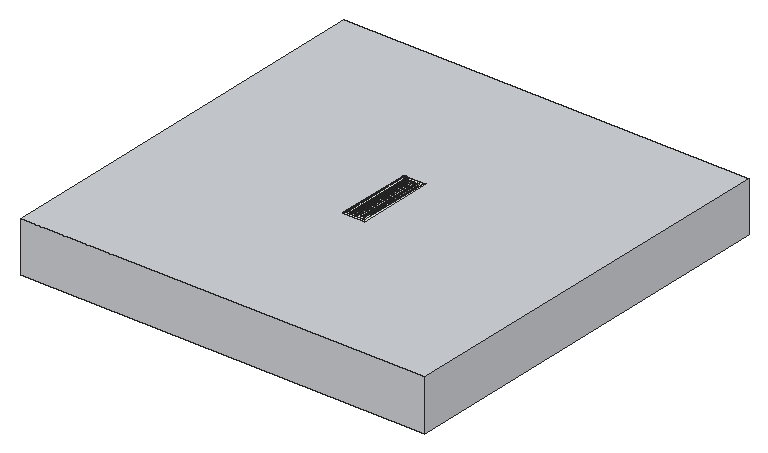
Revit family
Parameters (values of type "LD1200")
  URL = "http://www.productspec.net/products/30296/holyoake-industries/linear-diffusers-ld-1200.aspx"
  Style [instance] = 1
  Type Comments = "Linear Diffuser"  # constant formula
  Style 5 [instance] = Style = 5  # no
  Style 2 [instance] = Style = 2  # no
  Style 1 [instance] = Style = 1  # yes
  Overall Width [instance] = Exact Neck Width + 2 * Flange Width  # 128.80 mm
  Overall Height [instance] = Exact Neck Height + 2 * Flange Width  # 457.80 mm
  Opening Width = Nominal Width - 22.00 mm  # 78.00 mm
  Opening Height = Nominal Height - 22.00 mm  # 407.00 mm
  Nominal Width = 100.00 mm
  Nominal Height = 429.00 mm
  Model = "LD-1200"
  Manufacturer = "Holyoake Industries Ltd"  # constant formula
  LD1215 = not(LD1200)  # no
  LD1200 = yes
  Frame and Bars = Alloy - Holyoake
  Flange Width [instance] = if(Style = 1, 23.85 mm, if(Style = 2, 27.00 mm, 15.60 mm))  # 23.85 mm
  Flange Thickness [instance] = if(Style = 1, 1.55 mm, if(Style = 2, 3.00 mm, 1.40 mm))  # 1.55 mm
  Exact Neck Width [instance] = Opening Width + 2 * Flange Thickness  # 81.10 mm
  Exact Neck Height [instance] = Opening Height + 2 * Flange Thickness  # 410.10 mm
  Engineering Data [instance] = "http://admin.productspec.net/nas/TechnicalFiles/2367/p30296/B15-B22%20LD.pdf"
  Depth [instance] = if(Style = 1, 22.35 mm, if(Style = 2, 27.00 mm, 45.50 mm))  # 22.35 mm
  Default Elevation = 1000.00 mm
  Created By = "Productspec Ltd"  # constant formula
  Choose Style [instance] = "Style = 1, 2, or 5"  # constant formula
  Blade Thickness = 3.20 mm
  Bar Width = 3.20 mm  # constant formula
  Bar Spacing = 12.50 mm  # constant formula
  Bar Offset = (Opening Width - Bar Width * Bar Number - (Bar Spacing - Bar Width) * (Bar Number - 1)) / 2 + Bar Width / 2  # 7.75 mm
  Bar Number = Opening Width / Bar Spacing  # 6
  Author = "DZZ"  # constant formula
Types (3, lengths in mm): name | URL | Style | Style 5 | Style 1 | Overall Width | Overall Height | Opening Width | Opening Height | Nominal Width | Nominal Height | Model | LD1215 | LD1200 | Flange Width | Flange Thickness | Exact Neck Width | Exact Neck Height | Depth | Blade Thickness | Bar Number
  (no name) | "http://www.productspec.net/products/30296/holyoake-industries/linear-diffusers-ld-1200.aspx" | 1 | no | yes | 128.80 | 457.80 | 78.00 | 407.00 | 100.00 | 429.00 | "LD-1200" | no | yes | 23.85 | 1.55 | 81.10 | 410.10 | 22.35 | 3.20 | 6
  LD1200 | "http://www.productspec.net/products/30296/holyoake-industries/linear-diffusers-ld-1200.aspx" | 1 | no | yes | 128.80 | 457.80 | 78.00 | 407.00 | 100.00 | 429.00 | "LD-1200" | no | yes | 23.85 | 1.55 | 81.10 | 410.10 | 22.35 | 3.20 | 6
  LD1215 | "http://www.productspec.net/products/30297/holyoake-industries/linear-diffusers-ld1215.aspx" | 5 | yes | no | 99.50 | 431.00 | 65.50 | 397.00 | 87.50 | 419.00 | "LD-1215" | yes | no | 15.60 | 1.40 | 68.30 | 399.80 | 45.50 | 5.15 | 5
Reference planes
  plane 1 "Center (Front/Back)": y = 0
  plane 2: z = 0.003
  plane 3 "Center (Left/Right)": x = 0
  plane 4: x = -39
  plane 5: x = 39
  plane 6: y = -203.5
  plane 7: y = 203.5
  plane 8: x = -48.5
  plane 9: x = 51.5
  plane 10: y = 216
  plane 11: y = -213
  plane 12 "Bottom": z = -22.347
  plane 13: x = -31.25
  plane 14: x = -18.75
  plane 15: x = 17.5
  plane 16: x = -40.55
  plane 17: x = 40.55
  plane 18: x = -64.4
  plane 19: x = 64.4
  plane 20: y = 205.05
  plane 21: y = -205.05
  plane 22: y = 228.9
  plane 23: y = -228.9
Forms (mm)
  Extrusion 1, solid
    sketch origin (0, 0, 0) x (1, 0, 0) y (0, 1, 0)
      loop
        line (-1219.2, 1219.2) -> (-1219.2, -1219.2) -> (1219.2, -1219.2) -> (1219.2, 1219.2) -> (-1219.2, 1219.2)
    from 0.003 to -304.8
  Sweep 2, solid, material "Alloy - Holyoake" <- "Frame and Bars", visible <- "Style 1", detail levels medium+fine
    path origin (0, 0, 0) x (1, 0, 0) y (0, 1, 0)
      loop
        line (-39, 203.5) -> (-39, -203.5) -> (39, -203.5) -> (39, 203.5) -> (-39, 203.5)
    profile "Holyoake_TradeLineSurround_profile : Trade Line Surround Profile" origin (-39, 0, 0) x (1, 0, 0) y (0, 0, 1)
      loop
        line (-25.4, 0) -> (-24.014, 0) -> (-22.223, 3.103) -> (-19.05, 3.103) -> (-19.05, 0.5) -> (-16.876, 0.5)
        arc (-16.876, 0.5) -> (-16.35, 1.026) -> (-16.876, 1.553) r 0.526
        line (-16.876, 1.553) -> (-17.9, 1.553) -> (-17.9, 3.103) -> (-3.5, 3.103) -> (-3.5, 1.553) -> (-4.524, 1.553)
        arc (-4.524, 1.553) -> (-5.05, 1.026) -> (-4.524, 0.5) r 0.526
        line (-4.524, 0.5) -> (-3.501, 0.5)
        arc (-3.501, 0.5) -> (-3.207, 0.114) -> (-2.757, 0.295) r 0.4
        line (-2.757, 0.295) -> (-1.55, 2.386) -> (-1.55, -22.347) -> (0, -22.347) -> (0, 1.553) -> (5, 1.553) -> (5, 3.103) -> (1.55, 3.103) -> (1.55, 4.653) -> (-22.714, 4.653) -> (-25.4, 0)
  Extrusion 3, solid, material "Alloy - Holyoake" <- "Frame and Bars", detail levels coarse+medium
    sketch origin (0, 0, -22.347) x (-1, 0, 0) y (0, -1, 0)
      loop
        line (39, -203.5) -> (39, 203.5) -> (-39, 203.5) -> (-39, -203.5) -> (39, -203.5)
    from 0 to 22.35 <- "Depth"
  Sweep 4, solid, material "Alloy - Holyoake" <- "Frame and Bars", visible <- "Style 2", detail levels medium+fine
    path origin (0, 0, 0) x (1, 0, 0) y (0, 1, 0)
      loop
        line (-39, 203.5) -> (-39, -203.5) -> (39, -203.5) -> (39, 203.5) -> (-39, 203.5)
    profile "Holyoake_LinearDiffuser_LDtype4_Track_profile : Holyoake_LinearDiffuser_LDtype4_Track_profile" origin (-39, 0, 0) x (1, 0, 0) y (0, 0, 1)
      loop
        line (0, 4) -> (-26.5, 4) -> (-30, 2) -> (-30, 0) -> (-20.9, 0) -> (-20.9, 1) -> (-22.5, 1) -> (-22.5, 2.4) -> (-8.1, 2.4) -> (-8.1, 1) -> (-9.7, 1) -> (-9.7, 0) -> (-3, 0) -> (-3, -27) -> (8.5, -27) -> (12, -25) -> (12, -23) -> (0, -23) -> (0, 4)
  Sweep 5, solid, material "Alloy - Holyoake" <- "Frame and Bars", visible <- "Style 5", detail levels medium+fine
    path origin (0, 0, 0) x (1, 0, 0) y (0, 1, 0)
      loop
        line (-39, 203.5) -> (-39, -203.5) -> (39, -203.5) -> (39, 203.5) -> (-39, 203.5)
    profile "Holyoake_LinearDiffuser_LDVB_Surround : LDVB Surround Profile" origin (-39, 0, 0) x (1, 0, 0) y (0, 0, 1)
      loop
        line (0, 4.5) -> (-14.5, 4.5) -> (-17, 2) -> (-17, 0) -> (-15.8, 0) -> (-15.8, 1.786) -> (-15, 2.586) -> (-15, 0.6) -> (-12.45, 0.6) -> (-12.45, 1.6) -> (-14, 1.6) -> (-14, 3.3) -> (-4.4, 3.3) -> (-4.4, 1.6) -> (-5.95, 1.6) -> (-5.95, 0.6) -> (-3.4, 0.6) -> (-3.4, 2.3)
        arc (-3.4, 2.3) -> (-2.4, 3.3) -> (-1.4, 2.3) r 1
        line (-1.4, 2.3) -> (-1.4, -45.5) -> (0, -45.5) -> (0, 4.5)
Dimensions and locks
  equal spacing: plane 4, plane 3 "Center (Left/Right)", plane 5
  "Opening Width": plane 4 to plane 5
  equal spacing: plane 6, plane 1 "Center (Front/Back)", plane 7
  "Opening Height": plane 6 to plane 7
  locked: plane 8 to plane 4 at 9.5
  locked: plane 11 to plane 6 at 9.5
  "Nominal Height": plane 11 to plane 10
  "Nominal Width": plane 8 to plane 9
  "Depth": plane 2 to plane 12 "Bottom"
  "Bar Offset": plane 13 to plane 4
  "Bar Spacing": plane 14 to plane 13
  equal spacing: group 1, group 2, group 5, group 6, group 7, group 11  (x3)
  equal spacing: group 3, group 4, group 8, group 9, group 10, group 12  (x3)
  "Flange Thickness": plane 4 to plane 16
  "Exact Neck Width": plane 16 to plane 17
  "Overall Width": plane 18 to plane 19
  "Flange Thickness": plane 20 to plane 7
  "Flange Width": plane 22 to plane 20
  "Overall Height": plane 23 to plane 22
  "Exact Neck Height": plane 21 to plane 20
  "Flange Width": plane 16 to plane 18
  aligned and locked: plane 2 to Extrusion 1
  aligned and locked: Sweep 2 sketch curve to plane 4
  aligned and locked: Sweep 2 sketch curve to plane 7
  aligned and locked: plane 5 to Sweep 2 sketch curve
  aligned and locked: plane 6 to Sweep 2 sketch curve
  aligned and locked: plane 13 to nested 1
  aligned and locked: plane 2 to nested 1
  aligned and locked: nested 1 to plane 1 "Center (Front/Back)"
  aligned and locked: nested 2 to plane 1 "Center (Front/Back)"
  aligned and locked: plane 4 to Extrusion 3 sketch curve
  aligned and locked: plane 7 to Extrusion 3 sketch curve
  aligned and locked: plane 6 to Extrusion 3 sketch curve
  aligned and locked: Extrusion 3 sketch curve to plane 5
  aligned and locked: Sweep 4 sketch curve to plane 4
  aligned and locked: Sweep 4 sketch curve to plane 7
  aligned and locked: plane 5 to Sweep 4 sketch curve
  aligned and locked: plane 6 to Sweep 4 sketch curve
  aligned and locked: Sweep 5 sketch curve to plane 7
  aligned and locked: Sweep 5 sketch curve to plane 4
  aligned and locked: plane 5 to Sweep 5 sketch curve
  aligned and locked: plane 6 to Sweep 5 sketch curve
  aligned and locked: plane 13 to nested 3
  aligned and locked: plane 2 to nested 3
  aligned and locked: nested 3 to plane 1 "Center (Front/Back)"
  aligned and locked: plane 14 to nested 4
  aligned and locked: plane 2 to nested 4
  aligned and locked: nested 4 to plane 1 "Center (Front/Back)"
  aligned and locked: plane 2 to nested 2
  aligned and locked: plane 14 to nested 2
Automatic sketch dimensions
  Extrusion 1 sketch curve to Extrusion 1 sketch curve = 2438.40 mm  (x2)
Nested families
  nested 1: "Holyoake_LinearDiffuser_LD600_1200_Blade" at (-31.25, 0, 0.003) x (0, 1, 0) z (0, 0, 1), visible <- "LD1200", type "LD600/1200 Blade"
    with Length 407.00 mm
  nested 2: "Holyoake_LinearDiffuser_LD600_1200_Blade" at (-18.75, 0, 0.003) x (0, 1, 0) z (0, 0, 1), visible <- "LD1200", type "LD600/1200 Blade"
    with Length 407.00 mm
  nested 3: "Holyoake_LinearDiffuser_LD615_1215_Blade" at (-31.25, 0, 0.003) x (0, 1, 0) z (0, 0, 1), visible <- "LD1215", type "LD615/1215 Blade"
    with Length 407.00 mm
  nested 4: "Holyoake_LinearDiffuser_LD615_1215_Blade" at (-18.75, 0, 0.003) x (0, 1, 0) z (0, 0, 1), visible <- "LD1215", type "LD615/1215 Blade"
    with Length 407.00 mm
  nested 5: "Holyoake_LinearDiffuser_LD600_1200_Blade" at (-6.25, 0, 0.003) x (0, 1, 0) z (0, 0, 1), visible <- "LD1200", type "LD600/1200 Blade"
    with Length 407.00 mm
  nested 6: "Holyoake_LinearDiffuser_LD600_1200_Blade" at (6.25, 0, 0.003) x (0, 1, 0) z (0, 0, 1), visible <- "LD1200", type "LD600/1200 Blade"
    with Length 407.00 mm
  nested 7: "Holyoake_LinearDiffuser_LD600_1200_Blade" at (18.75, 0, 0.003) x (0, 1, 0) z (0, 0, 1), visible <- "LD1200", type "LD600/1200 Blade"
    with Length 407.00 mm
  nested 8: "Holyoake_LinearDiffuser_LD615_1215_Blade" at (-6.25, 0, 0.003) x (0, 1, 0) z (0, 0, 1), visible <- "LD1215", type "LD615/1215 Blade"
    with Length 407.00 mm
  nested 9: "Holyoake_LinearDiffuser_LD615_1215_Blade" at (6.25, 0, 0.003) x (0, 1, 0) z (0, 0, 1), visible <- "LD1215", type "LD615/1215 Blade"
    with Length 407.00 mm
  nested 10: "Holyoake_LinearDiffuser_LD615_1215_Blade" at (18.75, 0, 0.003) x (0, 1, 0) z (0, 0, 1), visible <- "LD1215", type "LD615/1215 Blade"
    with Length 407.00 mm
  nested 11: "Holyoake_LinearDiffuser_LD600_1200_Blade" at (31.25, 0, 0.003) x (0, 1, 0) z (0, 0, 1), visible <- "LD1200", type "LD600/1200 Blade"
    with Length 407.00 mm
  nested 12: "Holyoake_LinearDiffuser_LD615_1215_Blade" at (31.25, 0, 0.003) x (0, 1, 0) z (0, 0, 1), visible <- "LD1215", type "LD615/1215 Blade"
    with Length 407.00 mm
Connectors
  hvac at (0, 0, -22.347), driven by "Nominal Height", driven by "Nominal Width"
    settings: on Extrusion 3, index 1
Definition of nested family "Holyoake_LinearDiffuser_LD600_1200_Blade"
  Parameters (values of type "LD600/1200 Blade")
    Width = 3.20 mm  # constant formula
    Model = "LD600/1200 Blade"  # constant formula
    Manufacturer = "Holyoake Industries Ltd"  # constant formula
    Length = 400.00 mm
    Description = ""
    Created By = "Productspec Ltd"  # constant formula
    Blade = Alloy - Holyoake
    Author = "DZZ"  # constant formula
    Assembly Code = ""
  Reference planes
    plane 1 "Center": y = 0
    plane 2: z = 0
    plane 3 "Center (Left/Right)": x = 0
    plane 4: x = -200
    plane 5: x = 200
    plane 6: y = -1.6
    plane 7: y = 1.6
  Forms (mm)
    Sweep 1, solid, material "Alloy - Holyoake" <- "Blade", detail levels fine
      path origin (0, 0, 0) x (1, 0, 0) y (0, 1, 0)
        loop
          line (-200, 0) -> (200, 0)
      profile "Holyoake_LinearDiffuser_LD600_1200_Blade_profile : Holyoake_LinearDiffuser_LD600_1200_Blade_profile" origin (0, 0, 0) x (0, 1, 0) y (0, 0, 1)
        loop
          line (1.6, 0) -> (-1.6, 0) -> (-1.6, -1.547)
          arc (-1.6, -1.547) -> (-1.286, -2.415) -> (-1.18, -3.331) r 4
          line (-1.18, -3.331) -> (-1.18, -14.67)
          arc (-1.18, -14.67) -> (0, -15.85) -> (1.18, -14.67) r 1.18
          line (1.18, -14.67) -> (1.18, -3.331)
          arc (1.18, -3.331) -> (1.286, -2.415) -> (1.6, -1.547) r 4
          line (1.6, -1.547) -> (1.6, 0)
  Dimensions and locks
    "Length": plane 4 to plane 5
    equal spacing: plane 4, plane 3 "Center (Left/Right)", plane 5
    equal spacing: plane 7, plane 1 "Center", plane 6
    "Width": plane 7 to plane 6
    aligned and locked: Sweep 1 to plane 4
    aligned and locked: Sweep 1 to plane 5
  Automatic sketch dimensions
    Sweep 1 sketch curve to plane 1 "Center" = 0.00 mm
    Sweep 1 sketch curve to plane 4 = 0.00 mm
    Sweep 1 sketch curve to plane 5 = 0.00 mm
Definition of nested family "Holyoake_LinearDiffuser_LD615_1215_Blade"
  Parameters (values of type "LD615/1215 Blade")
    Width = 5.15 mm  # constant formula
    Model = "LD615/1215 Blade"  # constant formula
    Manufacturer = "Holyoake Industries Ltd"  # constant formula
    Length = 400.00 mm
    Description = ""
    Created By = "Productspec Ltd"  # constant formula
    Blade = Alloy - Holyoake
    Author = "DZZ"  # constant formula
    Assembly Code = ""
  Reference planes
    plane 1 "Center": y = 0
    plane 2: z = 0
    plane 3 "Center (Left/Right)": x = 0
    plane 4: x = -200
    plane 5: x = 200
    plane 6: y = -2.575
    plane 7: y = 2.575
  Forms (mm)
    Sweep 1, solid, material "Alloy - Holyoake" <- "Blade", detail levels fine
      path origin (0, 0, 0) x (1, 0, 0) y (0, 1, 0)
        loop
          line (-200, 0) -> (200, 0)
      profile "Holyoake_LinearDiffuser_LD1215-615_Blade_profile : Holyoake_LinearDiffuser_LD1215-615_Blade_profile" origin (0, 0, 0) x (0, 1, 0) y (0, 0, 1)
        loop
          line (0.595, 0) -> (-2.575, 0) -> (-0.925, -5.725) -> (-0.925, -14.69)
          arc (-0.925, -14.69) -> (0.255, -15.87) -> (1.435, -14.69) r 1.18
          line (1.435, -14.69) -> (1.435, -6.87) -> (2.575, -6.87) -> (0.595, 0)
  Dimensions and locks
    "Length": plane 4 to plane 5
    equal spacing: plane 4, plane 3 "Center (Left/Right)", plane 5
    equal spacing: plane 7, plane 1 "Center", plane 6
    "Width": plane 7 to plane 6
    aligned and locked: Sweep 1 to plane 4
    aligned and locked: Sweep 1 to plane 5
  Automatic sketch dimensions
    Sweep 1 sketch curve to plane 1 "Center" = 0.00 mm
    Sweep 1 sketch curve to plane 4 = 0.00 mm
    Sweep 1 sketch curve to plane 5 = 0.00 mm
